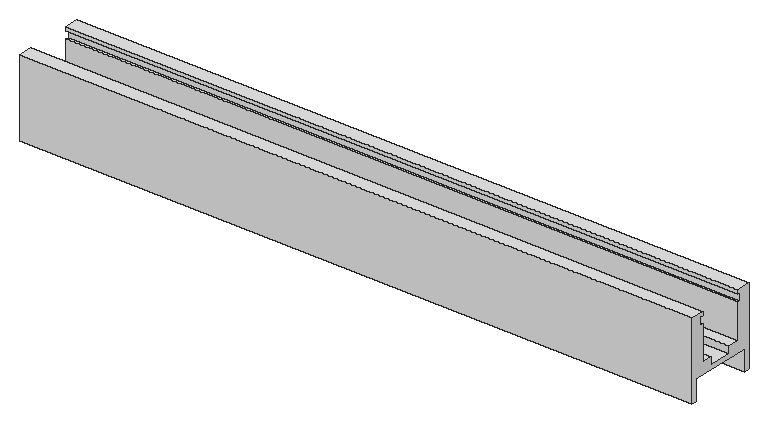
Revit family "ARKOSLIGHT_Track 48V Surface Short", category Lighting Fixtures, host Face, Revit 2019
Family settings
  Host = Face
  Round Connector Dimension = Use Diameter
  Part Type = Normal
  Cut with Voids When Loaded = No
  Light Source = No
  Shared = No
  Room Calculation Point = No
Parameters (values of type "A3382X00WT - TRACK 48V SURFACE SHORT XM WT")
  URL = "https://www.arkoslight.com/en/product/atrack48v-es/"
  Model = ARKOSLIGHT_Model  # "ACCESSORIES"
  Manufacturer = "ARKOSLIGHT"  # constant formula
  Length [instance] = 250 mm
  Description = "Select the number and length of profiles suitable for the defined length"
  ARKOSLIGHT_Series = "TRACK 48V ACCESSORIES"  # constant formula
  ARKOSLIGHT_Reference = "A3382X00WT"
  ARKOSLIGHT_Model = "ACCESSORIES"  # constant formula
  ARKOSLIGHT_Dimming = "Yes"  # constant formula
  ARKOSLIGHT_Color = "Textured white"
  ARKOSLIGHT_Fixture Type = "ACCESSORIES"  # constant formula
  Default Elevation = 0 mm
  Apparent Load = 0 VA  # constant formula
  ARKOSLIGHT_Body Color = ARKOSLIGHT_Textured white
Types (2, lengths in mm): name | ARKOSLIGHT_Reference | ARKOSLIGHT_Color | ARKOSLIGHT_Body Color
  A3382X00NT - TRACK 48V SURFACE SHORT XM NT | "A3382X00NT" | "Textured black" | ARKOSLIGHT_Textured black
  A3382X00WT - TRACK 48V SURFACE SHORT XM WT | "A3382X00WT" | "Textured white" | ARKOSLIGHT_Textured white
Reference planes
  plane 1 "Center (Front/Back)": y = 0
  plane 2: z = 0
  plane 3 "Center (Left/Right)": x = 0
  plane 4: x = 125
  plane 5: x = -125
  plane 6: y = 13.101
  plane 7: y = -13.101
  plane 8: y = 37
  plane 9: y = -37
  plane 10: z = 28.65
  plane 11: z = 11.75
Forms (mm)
  Extrusion 1, solid, material "ARKOSLIGHT_Textured white" <- "ARKOSLIGHT_Body Color"
    sketch origin (-125, -221.408, 1227.436) x (0, -1, 0) y (0, 0, -1)
      loop
        line (-234.509, 1198.786) -> (-229.656, 1198.786) -> (-229.656, 1200.186) -> (-230.656, 1200.186) -> (-230.656, 1202.905) -> (-229.656, 1202.905) -> (-229.656, 1215.686) -> (-225.591, 1215.686) -> (-225.591, 1218.286) -> (-217.224, 1218.286) -> (-217.224, 1215.686) -> (-213.159, 1215.686) -> (-213.159, 1202.905) -> (-212.159, 1202.905) -> (-212.159, 1200.186) -> (-213.159, 1200.186) -> (-213.159, 1198.786) -> (-208.306, 1198.786) -> (-208.306, 1227.436) -> (-210.006, 1227.436) -> (-210.006, 1219.786) -> (-232.809, 1219.786) -> (-232.809, 1227.436) -> (-234.509, 1227.436) -> (-234.509, 1198.786)
    from 0 to 250
Dimensions and locks
  "Length": plane 5 to plane 4
  equal spacing: plane 5, plane 3 "Center (Left/Right)", plane 4
  plane 6 to plane 1 "Center (Front/Back)" to plane 7 = 13.101 mm, 13.101 mm
  locked: plane 6 to plane 7 at 26.203
  equal spacing: plane 9, plane 1 "Center (Front/Back)", plane 8
  locked: plane 9 to plane 8 at 74
  locked: plane 10 to plane 2 at 28.65
  locked: plane 10 to plane 11 at 16.9
  aligned and locked: plane 2 to host face
  aligned and locked: level to host face
  aligned and locked: Extrusion 1 to plane 4
  aligned and locked: plane 11 to Extrusion 1 sketch curve
  aligned and locked: Extrusion 1 sketch curve to plane 11
Automatic sketch dimensions
  host sketch curve to host sketch curve = 486.772 mm
  host sketch curve to host sketch curve = 1105.173 mm
  Extrusion 1 sketch curve to level = 0 mm  (x2)
  plane 6 to Extrusion 1 sketch curve = 1.7 mm
  plane 6 to Extrusion 1 sketch curve = 3.853 mm
  Extrusion 1 sketch curve to Extrusion 1 sketch curve = 1 mm  (x2)
  plane 6 to Extrusion 1 sketch curve = 4.853 mm
  Extrusion 1 sketch curve to Extrusion 1 sketch curve = 4.066 mm
  Extrusion 1 sketch curve to plane 1 "Center (Front/Back)" = 4.183 mm
  plane 7 to Extrusion 1 sketch curve = 4.853 mm
  Extrusion 1 sketch curve to Extrusion 1 sketch curve = 0 mm
  plane 7 to Extrusion 1 sketch curve = 1.7 mm
  Extrusion 1 sketch curve to Extrusion 1 sketch curve = 1.5 mm
  Extrusion 1 sketch curve to Extrusion 1 sketch curve = 2.6 mm
  Extrusion 1 sketch curve to Extrusion 1 sketch curve = 12.781 mm  (x2)
  Extrusion 1 sketch curve to Extrusion 1 sketch curve = 2.719 mm  (x2)
  Extrusion 1 sketch curve to Extrusion 1 sketch curve = 1.4 mm  (x2)
  plane 7 to Extrusion 1 sketch curve = 0 mm
  Extrusion 1 sketch curve to plane 6 = 0 mm
